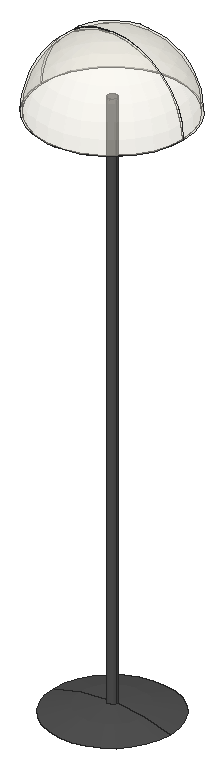
Revit family
Parameters (values of type "100 watt Incandescent")
  Wattage = 12.1178 W
  built-in parameter 1150110 = 1 (stored number, unit not read)
  built-in parameter 1114217 = 1 (stored number, unit not read)
  built-in parameter 1150109 = 1 (stored number, unit not read)
  built-in parameter 1150134 = 3
  built-in parameter 1150113 = 1 (stored number, unit not read)
  built-in parameter 1150105 = 143.24 (stored number, unit not read)
  built-in parameter 1150115 = 1 (stored number, unit not read)
  Light Source Symbol Size = 609.60 mm
  built-in parameter 1150137 = (empty or 0)
  built-in parameter 1150139 = (empty or 0)
  built-in parameter 1150112 = 1 (stored number, unit not read)
  built-in parameter 1150114 = 1 (stored number, unit not read)
  Lamp = "A-21"
  Lumens = 1800 lm
  Material Shade = Glass - Frosted
  Material Stand = Metal - Chrome
  Wattage Comments = "100"
  Keynote = "V"
  built-in parameter 1150132 = 2
  built-in parameter 1150102 = (empty or 0)
  built-in parameter 1150107 = 3200 (stored number, unit not read)
  built-in parameter 1150138 = (empty or 0)
  built-in parameter 1150106 = 1.4324 (stored number, unit not read)
  built-in parameter 1150104 = 13.8 (stored number, unit not read)
  Dimming Lamp Color Temperature Shift = (empty or 0)
  Color Filter = 16777215
  built-in parameter 1114218 = 1 (stored number, unit not read)
  built-in parameter 1150133 = 10 (stored number, unit not read)
Types (3, lengths in mm): name | Wattage | built-in parameter 1150105 | Lamp | Lumens | Wattage Comments | built-in parameter 1150106
  (no name) | 12.1178 W | 143.24 (stored number, unit not read) | "A-21" | 1800 lm | "100" | 1.4324 (stored number, unit not read)
  100 watt Incandescent | 12.1178 W | 143.24 (stored number, unit not read) | "A-21" | 1800 lm | "100" | 1.4324 (stored number, unit not read)
  60 watt Incandescent | 7.27067 W | 85.944 (stored number, unit not read) | "A-19" | 1080 lm | "60" | 0.85944 (stored number, unit not read)
Reference planes
  plane 1 "Light Source Axis": y = 0
  plane 2: z = 0
  plane 3 "Light Source Axis": x = 0
  plane 4 "Light Source Elevation": z = 1651
Forms (mm)
  Extrusion 1, solid, material "Metal - Chrome" <- "Material Stand"
    sketch origin (0, 0, 0) x (1, 0, 0) y (0, 1, 0)
      loop
        circle (0, 0) r 12.7
    from 25.4 to 1549.4
  Revolve 2, solid, material "Metal - Chrome" <- "Material Stand"
    sketch origin (0, 0, 0) x (1, 0, 0) y (0, 0, 1)
      loop
        line (12.7, 25.4) -> (12.7, 0) -> (165.1, 0)
        arc (165.1, 0) -> (89.708, 17.546) -> (12.7, 25.4) r 609.787
      axis (0, 25.4) -> (0, 0)
    angle from 0 to 360
  Revolve 3, solid, material "Glass - Frosted" <- "Material Shade"
    sketch origin (0, 0, 113.413) x (1, 0, 0) y (0, 0, 1)
      loop
        arc (202.331, 1397) -> (143.077, 1540.294) -> (0, 1600.07) r 203.2
        line (0, 1600.07) -> (0, 1593.994)
        arc (0, 1593.994) -> (139.725, 1536.55) -> (197.592, 1397) r 196.85
        line (197.592, 1397) -> (202.331, 1397)
      axis (0, 1600.07) -> (0, 1397)
    angle from 0 to 360
Lines and regions (mm)
  symbolic lines
    curve 1: arc (203.2, 0, 0) -> (0, 203.2, 0) -> (-203.2, 0, 0) r 203.2
    curve 2: arc (-203.2, 0, 0) -> (0, -203.2, 0) -> (203.2, 0, 0) r 203.2
    curve 3: arc (12.7, 0, 0) -> (0, 12.7, 0) -> (-12.7, 0, 0) r 12.7
    curve 4: arc (-12.7, 0, 0) -> (0, -12.7, 0) -> (12.7, 0, 0) r 12.7
    curve 5: arc (165.1, 0, 0) -> (0, 165.1, 0) -> (-165.1, 0, 0) r 165.1
    curve 6: arc (-165.1, 0, 0) -> (0, -165.1, 0) -> (165.1, 0, 0) r 165.1
Dimensions and locks
  aligned and locked: plane 3 "Light Source Axis" to imposter light
  aligned and locked: plane 1 "Light Source Axis" to imposter light
  aligned and locked: plane 4 "Light Source Elevation" to imposter light
